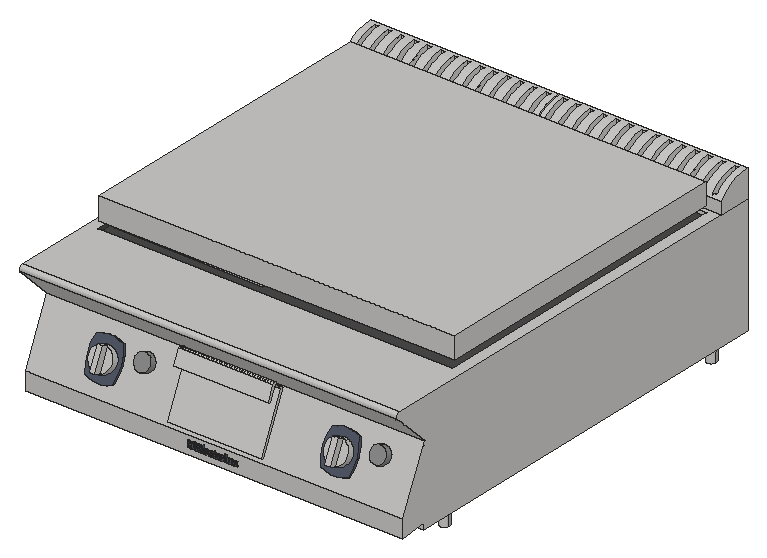
Revit family "QF_ELECTROLUXPROFESSIONAL_391023_E9HOGH1000", category Specialty Equipment, Revit 2018 (continued)
Automatic sketch dimensions
  Extrusion 49 sketch curve to Extrusion 1 = 13.452 mm
  Extrusion 49 sketch curve to Extrusion 1 = 13.471 mm
  Extrusion 49 sketch curve to Extrusion 49 sketch curve = 0 mm  (x28)
  Extrusion 49 sketch curve to Extrusion 49 sketch curve = 5.108 mm  (x2)
  Extrusion 49 sketch curve to Extrusion 1 = 13.572 mm
  Extrusion 49 sketch curve to Extrusion 49 sketch curve = 0.218 mm
  Extrusion 49 sketch curve to Extrusion 49 sketch curve = 0.195 mm
  Extrusion 49 sketch curve to Extrusion 49 sketch curve = 0.249 mm
  Extrusion 49 sketch curve to Extrusion 1 = 13.768 mm
  Extrusion 49 sketch curve to Extrusion 49 sketch curve = 0.087 mm
  Extrusion 49 sketch curve to Extrusion 49 sketch curve = 0.358 mm
  Extrusion 49 sketch curve to Extrusion 49 sketch curve = 0.481 mm
  Extrusion 49 sketch curve to Extrusion 49 sketch curve = 0.597 mm
  Extrusion 49 sketch curve to Extrusion 49 sketch curve = 0.544 mm
  Extrusion 49 sketch curve to Extrusion 49 sketch curve = 0.936 mm
  Extrusion 49 sketch curve to Extrusion 49 sketch curve = 0.594 mm
  Extrusion 49 sketch curve to Extrusion 49 sketch curve = 0.343 mm
  Extrusion 49 sketch curve to Extrusion 49 sketch curve = 0.159 mm
  Extrusion 49 sketch curve to Extrusion 49 sketch curve = 0.826 mm
  Extrusion 49 sketch curve to Extrusion 49 sketch curve = 0.839 mm
  Extrusion 49 sketch curve to Extrusion 49 sketch curve = 0.852 mm
  Extrusion 49 sketch curve to Extrusion 49 sketch curve = 0.887 mm
  Extrusion 49 sketch curve to Extrusion 49 sketch curve = 0.928 mm
  Extrusion 49 sketch curve to Extrusion 49 sketch curve = 0.938 mm
  Extrusion 49 sketch curve to Extrusion 49 sketch curve = 0.444 mm
  Extrusion 49 sketch curve to Extrusion 49 sketch curve = 1.11 mm  (x3)
  Extrusion 49 sketch curve to Extrusion 49 sketch curve = 0.215 mm
  Extrusion 49 sketch curve to Extrusion 49 sketch curve = 1.43 mm
  Extrusion 49 sketch curve to Extrusion 49 sketch curve = 1.188 mm
  Extrusion 49 sketch curve to Extrusion 49 sketch curve = 1.21 mm  (x2)
  Extrusion 49 sketch curve to Extrusion 49 sketch curve = 0.503 mm
  Extrusion 49 sketch curve to Extrusion 49 sketch curve = 0.488 mm
  Extrusion 49 sketch curve to Extrusion 49 sketch curve = 0.462 mm
  Extrusion 49 sketch curve to Extrusion 49 sketch curve = 1.386 mm
  Extrusion 49 sketch curve to Extrusion 49 sketch curve = 1.742 mm  (x2)
  Extrusion 49 sketch curve to Extrusion 49 sketch curve = 0.821 mm
  Extrusion 49 sketch curve to Extrusion 49 sketch curve = 0.497 mm
  Extrusion 49 sketch curve to Extrusion 49 sketch curve = 0.539 mm
  Extrusion 49 sketch curve to Extrusion 49 sketch curve = 0.686 mm
  Extrusion 49 sketch curve to Extrusion 49 sketch curve = 0.408 mm
  Extrusion 49 sketch curve to Extrusion 49 sketch curve = 0.743 mm
  Extrusion 49 sketch curve to Extrusion 49 sketch curve = 1.16 mm
  Extrusion 49 sketch curve to Extrusion 49 sketch curve = 0.329 mm
  Extrusion 49 sketch curve to Extrusion 49 sketch curve = 1.054 mm
  Extrusion 49 sketch curve to Extrusion 49 sketch curve = 1.056 mm
  Extrusion 49 sketch curve to Extrusion 49 sketch curve = 0.129 mm
  Extrusion 49 sketch curve to Extrusion 49 sketch curve = 0.489 mm
  Extrusion 49 sketch curve to Extrusion 49 sketch curve = 0.441 mm
  Extrusion 49 sketch curve to Extrusion 49 sketch curve = 1.151 mm
  Extrusion 49 sketch curve to Extrusion 49 sketch curve = 1.141 mm  (x2)
  Extrusion 49 sketch curve to Extrusion 49 sketch curve = 0.768 mm
  Extrusion 49 sketch curve to Extrusion 49 sketch curve = 1.653 mm
  Extrusion 49 sketch curve to Extrusion 49 sketch curve = 0.499 mm
  Extrusion 49 sketch curve to Extrusion 49 sketch curve = 0.964 mm
  Extrusion 49 sketch curve to Extrusion 49 sketch curve = 0.949 mm
  Extrusion 49 sketch curve to Extrusion 49 sketch curve = 1.345 mm  (x3)
  Extrusion 49 sketch curve to Extrusion 49 sketch curve = 1.101 mm
  Extrusion 49 sketch curve to Extrusion 49 sketch curve = 0.432 mm
  Extrusion 49 sketch curve to Extrusion 49 sketch curve = 1.142 mm
  Extrusion 49 sketch curve to Extrusion 49 sketch curve = 0.959 mm
  Extrusion 49 sketch curve to Extrusion 49 sketch curve = 0.176 mm
  Extrusion 49 sketch curve to Extrusion 49 sketch curve = 0.728 mm
  Extrusion 49 sketch curve to Extrusion 49 sketch curve = 3.375 mm  (x2)
  Extrusion 49 sketch curve to Extrusion 49 sketch curve = 0.541 mm
  Extrusion 49 sketch curve to Extrusion 49 sketch curve = 0.955 mm
  Extrusion 49 sketch curve to Extrusion 49 sketch curve = 1.251 mm
  Extrusion 49 sketch curve to Extrusion 49 sketch curve = 0.572 mm
  Extrusion 49 sketch curve to Extrusion 49 sketch curve = 1.92 mm
  Extrusion 49 sketch curve to Extrusion 49 sketch curve = 1.224 mm
  Extrusion 49 sketch curve to Extrusion 49 sketch curve = 0.745 mm
  Extrusion 49 sketch curve to Extrusion 49 sketch curve = 2.537 mm
  Extrusion 49 sketch curve to Extrusion 49 sketch curve = 0.896 mm  (x3)
  Extrusion 49 sketch curve to Extrusion 49 sketch curve = 0.036 mm
  Extrusion 49 sketch curve to Extrusion 49 sketch curve = 2.607 mm
  Extrusion 49 sketch curve to Extrusion 49 sketch curve = 0.066 mm
  Extrusion 49 sketch curve to Extrusion 49 sketch curve = 0.248 mm
  Extrusion 49 sketch curve to Extrusion 49 sketch curve = 0.449 mm
  Extrusion 49 sketch curve to Extrusion 49 sketch curve = 1.052 mm
  Extrusion 49 sketch curve to Extrusion 49 sketch curve = 1.863 mm
  Extrusion 49 sketch curve to Extrusion 49 sketch curve = 1.31 mm  (x2)
  Extrusion 49 sketch curve to Extrusion 49 sketch curve = 0.901 mm
  Extrusion 49 sketch curve to Extrusion 49 sketch curve = 1.107 mm
  Extrusion 49 sketch curve to Extrusion 49 sketch curve = 2.122 mm
  Extrusion 49 sketch curve to Extrusion 49 sketch curve = 2.101 mm
  Extrusion 49 sketch curve to Extrusion 49 sketch curve = 0.106 mm
  Extrusion 49 sketch curve to Extrusion 49 sketch curve = 0.029 mm
  Extrusion 49 sketch curve to Extrusion 49 sketch curve = 2.09 mm
  Extrusion 49 sketch curve to Extrusion 49 sketch curve = 1.279 mm
  Extrusion 49 sketch curve to Extrusion 49 sketch curve = 2.008 mm
  Extrusion 49 sketch curve to Extrusion 49 sketch curve = 0.738 mm
  Extrusion 49 sketch curve to Extrusion 49 sketch curve = 0.382 mm
  Extrusion 49 sketch curve to Extrusion 49 sketch curve = 0.384 mm
  Extrusion 49 sketch curve to Extrusion 49 sketch curve = 0.002 mm
  Extrusion 49 sketch curve to Extrusion 49 sketch curve = 0.561 mm
  Extrusion 49 sketch curve to Extrusion 49 sketch curve = 0.592 mm
  Extrusion 49 sketch curve to Extrusion 49 sketch curve = 2.692 mm
  Extrusion 49 sketch curve to Extrusion 49 sketch curve = 1.259 mm
  Extrusion 49 sketch curve to Extrusion 49 sketch curve = 0.802 mm
  Extrusion 49 sketch curve to Extrusion 49 sketch curve = 1.024 mm
  Extrusion 49 sketch curve to Extrusion 49 sketch curve = 0.682 mm
  Extrusion 49 sketch curve to Extrusion 49 sketch curve = 5.934 mm
  Extrusion 49 sketch curve to Extrusion 49 sketch curve = 2.186 mm
  Extrusion 49 sketch curve to Extrusion 49 sketch curve = 0.337 mm
  Extrusion 49 sketch curve to Extrusion 49 sketch curve = 0.021 mm
  Extrusion 49 sketch curve to Extrusion 49 sketch curve = 1.005 mm
  Extrusion 49 sketch curve to Extrusion 49 sketch curve = 0.552 mm
  Extrusion 49 sketch curve to Extrusion 49 sketch curve = 0.778 mm
  Extrusion 49 sketch curve to Extrusion 49 sketch curve = 0.063 mm
  Extrusion 49 sketch curve to Extrusion 49 sketch curve = 1.023 mm
  Extrusion 49 sketch curve to Extrusion 49 sketch curve = 3.804 mm
  Extrusion 49 sketch curve to Extrusion 49 sketch curve = 0.486 mm
  Extrusion 49 sketch curve to Extrusion 49 sketch curve = 0.266 mm
  Extrusion 49 sketch curve to Extrusion 49 sketch curve = 1.547 mm
  Extrusion 49 sketch curve to Extrusion 49 sketch curve = 0.717 mm  (x2)
  Extrusion 49 sketch curve to Extrusion 49 sketch curve = 1.667 mm
  Extrusion 49 sketch curve to Extrusion 49 sketch curve = 3.174 mm
  Extrusion 49 sketch curve to Extrusion 49 sketch curve = 0.388 mm
  Extrusion 49 sketch curve to Extrusion 49 sketch curve = 1.342 mm
  Extrusion 49 sketch curve to Extrusion 49 sketch curve = 1.521 mm
  Extrusion 49 sketch curve to Extrusion 49 sketch curve = 0.124 mm
  Extrusion 49 sketch curve to Extrusion 49 sketch curve = 0.291 mm
  Extrusion 49 sketch curve to Extrusion 49 sketch curve = 1.049 mm  (x2)
  Extrusion 49 sketch curve to Extrusion 49 sketch curve = 1.7 mm
  Extrusion 49 sketch curve to Extrusion 49 sketch curve = 0.894 mm
  Extrusion 49 sketch curve to Extrusion 49 sketch curve = 0.989 mm
  Extrusion 49 sketch curve to Extrusion 49 sketch curve = 1.168 mm
  Extrusion 49 sketch curve to Extrusion 49 sketch curve = 1.594 mm
  Extrusion 49 sketch curve to Extrusion 49 sketch curve = 0.731 mm
  Extrusion 49 sketch curve to Extrusion 49 sketch curve = 1.566 mm
  Extrusion 49 sketch curve to Extrusion 49 sketch curve = 0.064 mm
  Extrusion 49 sketch curve to Extrusion 49 sketch curve = 0.556 mm  (x2)
  Extrusion 49 sketch curve to Extrusion 49 sketch curve = 0.48 mm
  Extrusion 49 sketch curve to Extrusion 49 sketch curve = 0.228 mm
  Extrusion 49 sketch curve to Extrusion 49 sketch curve = 1.018 mm
  Extrusion 49 sketch curve to Extrusion 49 sketch curve = 0.787 mm
  Extrusion 49 sketch curve to Extrusion 49 sketch curve = 0.618 mm
  Extrusion 49 sketch curve to Extrusion 49 sketch curve = 1.672 mm
  Extrusion 49 sketch curve to Extrusion 49 sketch curve = 1.361 mm
  Extrusion 49 sketch curve to Extrusion 49 sketch curve = 0.822 mm
  Extrusion 49 sketch curve to Extrusion 49 sketch curve = 0.069 mm
  Extrusion 49 sketch curve to Extrusion 49 sketch curve = 1.88 mm
  Extrusion 49 sketch curve to Extrusion 49 sketch curve = 0.42 mm
  Extrusion 49 sketch curve to Extrusion 49 sketch curve = 0.062 mm
  Extrusion 49 sketch curve to Extrusion 49 sketch curve = 1.355 mm
  Extrusion 49 sketch curve to Extrusion 49 sketch curve = 2.34 mm
  Extrusion 49 sketch curve to Extrusion 49 sketch curve = 0.493 mm
  Extrusion 49 sketch curve to Extrusion 49 sketch curve = 0.136 mm
  Extrusion 49 sketch curve to Extrusion 49 sketch curve = 0.128 mm
  Extrusion 49 sketch curve to Extrusion 49 sketch curve = 3.616 mm
  Extrusion 49 sketch curve to Extrusion 49 sketch curve = 4.207 mm
  Extrusion 49 sketch curve to Extrusion 49 sketch curve = 0.183 mm
  Extrusion 49 sketch curve to Extrusion 49 sketch curve = 0.895 mm
  Extrusion 49 sketch curve to Extrusion 49 sketch curve = 1.314 mm
  Extrusion 49 sketch curve to Extrusion 49 sketch curve = 3.231 mm
  Extrusion 49 sketch curve to Extrusion 49 sketch curve = 1.299 mm
  Extrusion 49 sketch curve to Extrusion 49 sketch curve = 1.214 mm
  Extrusion 49 sketch curve to Extrusion 49 sketch curve = 1.264 mm
  Extrusion 49 sketch curve to Extrusion 49 sketch curve = 0.109 mm
  Extrusion 49 sketch curve to Extrusion 49 sketch curve = 0.357 mm
  Extrusion 49 sketch curve to Extrusion 49 sketch curve = 0.565 mm
  Extrusion 49 sketch curve to Extrusion 49 sketch curve = 2.504 mm
  Extrusion 49 sketch curve to Extrusion 49 sketch curve = 2.459 mm
  Extrusion 1 to Extrusion 49 sketch curve = 350.207 mm
  Extrusion 49 sketch curve to Extrusion 49 sketch curve = 0.208 mm
  Extrusion 49 sketch curve to Extrusion 49 sketch curve = 0.468 mm  (x2)
  Extrusion 49 sketch curve to Extrusion 49 sketch curve = 1.559 mm
  Extrusion 49 sketch curve to Extrusion 49 sketch curve = 0.422 mm  (x2)
  Extrusion 49 sketch curve to Extrusion 49 sketch curve = 0.494 mm
  Extrusion 49 sketch curve to Extrusion 49 sketch curve = 3.927 mm
  Extrusion 49 sketch curve to Extrusion 49 sketch curve = 0.782 mm
  Extrusion 49 sketch curve to Extrusion 49 sketch curve = 1.268 mm
  Extrusion 49 sketch curve to Extrusion 49 sketch curve = 0.671 mm
  Extrusion 49 sketch curve to Extrusion 49 sketch curve = 0.777 mm
  Extrusion 49 sketch curve to Extrusion 49 sketch curve = 0.704 mm
  Extrusion 49 sketch curve to Extrusion 49 sketch curve = 0.781 mm  (x2)
  Extrusion 49 sketch curve to Extrusion 49 sketch curve = 1.634 mm
  Extrusion 49 sketch curve to Extrusion 49 sketch curve = 0.132 mm
  Extrusion 49 sketch curve to Extrusion 49 sketch curve = 3.136 mm
  Extrusion 49 sketch curve to Extrusion 49 sketch curve = 2.422 mm
  Extrusion 49 sketch curve to Extrusion 49 sketch curve = 0.586 mm
  Extrusion 49 sketch curve to Extrusion 49 sketch curve = 2.046 mm  (x2)
  Extrusion 49 sketch curve to Extrusion 49 sketch curve = 1.241 mm
  Extrusion 49 sketch curve to Extrusion 49 sketch curve = 1.689 mm
  Extrusion 49 sketch curve to Extrusion 49 sketch curve = 2.859 mm
  Extrusion 49 sketch curve to Extrusion 49 sketch curve = 0.627 mm
  Extrusion 49 sketch curve to Extrusion 49 sketch curve = 0.863 mm
  Extrusion 49 sketch curve to Extrusion 49 sketch curve = 0.419 mm
  Extrusion 49 sketch curve to Extrusion 49 sketch curve = 1.514 mm
  Extrusion 49 sketch curve to Extrusion 49 sketch curve = 1.019 mm
  Extrusion 49 sketch curve to Extrusion 49 sketch curve = 0.065 mm
  Extrusion 49 sketch curve to Extrusion 49 sketch curve = 1.215 mm
  Extrusion 49 sketch curve to Extrusion 49 sketch curve = 2.708 mm
  Extrusion 49 sketch curve to Extrusion 49 sketch curve = 1.122 mm
  Extrusion 49 sketch curve to Extrusion 49 sketch curve = 1.153 mm
  Extrusion 49 sketch curve to Extrusion 49 sketch curve = 3.009 mm
  Extrusion 49 sketch curve to Extrusion 49 sketch curve = 0.829 mm  (x2)
  Extrusion 49 sketch curve to Extrusion 49 sketch curve = 0.934 mm
  Extrusion 49 sketch curve to Extrusion 49 sketch curve = 3.376 mm
  Extrusion 49 sketch curve to Extrusion 49 sketch curve = 0.222 mm
  Extrusion 49 sketch curve to Extrusion 49 sketch curve = 1.383 mm
  Extrusion 49 sketch curve to Extrusion 49 sketch curve = 1.556 mm
  Extrusion 49 sketch curve to Extrusion 49 sketch curve = 2.559 mm
  Extrusion 49 sketch curve to Extrusion 49 sketch curve = 2.51 mm
  Extrusion 49 sketch curve to Extrusion 49 sketch curve = 0.131 mm
  Extrusion 49 sketch curve to Extrusion 49 sketch curve = 1.717 mm
  Extrusion 49 sketch curve to Extrusion 49 sketch curve = 1.134 mm
  Extrusion 49 sketch curve to Extrusion 49 sketch curve = 0.366 mm
  Extrusion 49 sketch curve to Extrusion 49 sketch curve = 0.094 mm
  Extrusion 49 sketch curve to Extrusion 49 sketch curve = 1.584 mm
  Extrusion 49 sketch curve to Extrusion 49 sketch curve = 1.501 mm
  Extrusion 49 sketch curve to Extrusion 49 sketch curve = 0.27 mm
  Extrusion 49 sketch curve to Extrusion 49 sketch curve = 1.808 mm
  Extrusion 49 sketch curve to Extrusion 49 sketch curve = 0.643 mm
  Extrusion 49 sketch curve to Extrusion 49 sketch curve = 0.916 mm
  Extrusion 49 sketch curve to Extrusion 49 sketch curve = 0.352 mm
  Extrusion 49 sketch curve to Extrusion 49 sketch curve = 0.458 mm
  Extrusion 49 sketch curve to Extrusion 49 sketch curve = 1.282 mm
  Extrusion 49 sketch curve to Extrusion 49 sketch curve = 1.363 mm
  Extrusion 49 sketch curve to Extrusion 49 sketch curve = 0.685 mm
  Extrusion 49 sketch curve to Extrusion 49 sketch curve = 0.905 mm
  Extrusion 49 sketch curve to Extrusion 49 sketch curve = 2.865 mm
  Extrusion 49 sketch curve to Extrusion 49 sketch curve = 0.472 mm
  Extrusion 49 sketch curve to Extrusion 49 sketch curve = 0.101 mm
  Extrusion 49 sketch curve to Extrusion 49 sketch curve = 0.54 mm
  Extrusion 49 sketch curve to Extrusion 49 sketch curve = 0.02 mm
  Extrusion 49 sketch curve to Extrusion 49 sketch curve = 0.582 mm
  Extrusion 49 sketch curve to Extrusion 49 sketch curve = 0.166 mm
  Extrusion 49 sketch curve to Extrusion 49 sketch curve = 0.16 mm
  Extrusion 49 sketch curve to Extrusion 49 sketch curve = 2.781 mm
  Extrusion 49 sketch curve to Extrusion 49 sketch curve = 1.118 mm
  Extrusion 49 sketch curve to Extrusion 49 sketch curve = 0.613 mm
  Extrusion 49 sketch curve to Extrusion 49 sketch curve = 0.361 mm
  Extrusion 49 sketch curve to Extrusion 49 sketch curve = 0.897 mm
  Extrusion 49 sketch curve to Extrusion 49 sketch curve = 0.167 mm
  Extrusion 49 sketch curve to Extrusion 49 sketch curve = 0.292 mm
  Extrusion 49 sketch curve to Extrusion 49 sketch curve = 0.305 mm
  Extrusion 49 sketch curve to Extrusion 49 sketch curve = 1.557 mm
  Extrusion 49 sketch curve to Extrusion 49 sketch curve = 2.499 mm
  Extrusion 49 sketch curve to Extrusion 49 sketch curve = 3.062 mm
  Extrusion 49 sketch curve to Extrusion 49 sketch curve = 2.968 mm
  Extrusion 49 sketch curve to Extrusion 49 sketch curve = 5.044 mm
  Extrusion 49 sketch curve to Extrusion 49 sketch curve = 0.629 mm  (x2)
  Extrusion 49 sketch curve to Extrusion 49 sketch curve = 1.131 mm
  Extrusion 49 sketch curve to Extrusion 49 sketch curve = 0.137 mm
  Extrusion 49 sketch curve to Extrusion 49 sketch curve = 0.027 mm
  Extrusion 49 sketch curve to Extrusion 49 sketch curve = 2.235 mm
  radius of Extrusion 2 sketch curve = 9.525 mm  (x4)
  radius of Extrusion 5 sketch curve to Extrusion 4 = 0 mm
  radius of Extrusion 22 sketch curve = 25.4 mm
  radius of Extrusion 23 sketch curve to Extrusion 22 = 0 mm  (x2)
  radius of Extrusion 24 sketch curve = 17.78 mm
  radius of Extrusion 27 sketch curve = 12.7 mm
  radius of Extrusion 29 sketch curve = 6.4 mm
  radius of Extrusion 31 sketch curve = 25.4 mm
  radius of Extrusion 32 sketch curve to Extrusion 31 = 0 mm  (x2)
  radius of Extrusion 33 sketch curve = 17.78 mm
Connectors
  piping at (748, -663, 5), diameter 12.8
    settings: on Extrusion 29, index 2, connector inside diameter 0.50394", connector length 0 mm, flow factor 0, pipe flow 0 GPM, pressure drop 0.00 psi, fitting loss kfactor 0, connector angle 0.00°, fixture units 0, engagement length 0 mm, angle of deflection 0.00°, flow configuration 1, flow direction 1, fitting loss method 0, system type 7, joint type 0, gender type 0, connector reference index -1, connector utility 0, adjustable connector no, is connector primary yes, connector description ""
